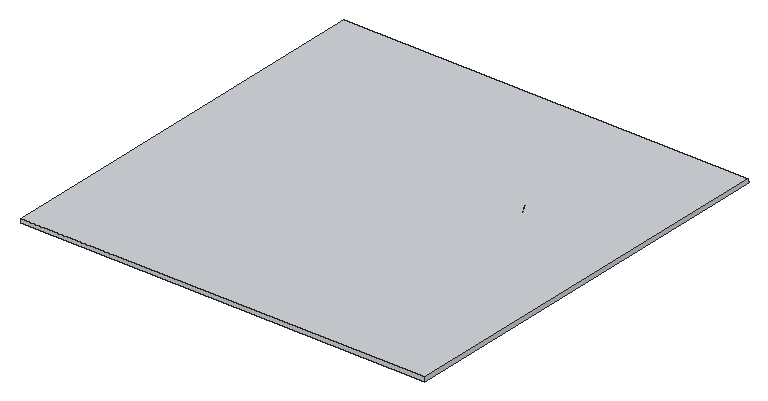
Revit family "Hcl_Tyco_FireDtctnAlmCtrlIndctEquip_FireClass-AddressableHeatDetector", category Fire Alarm Devices, host Face, Revit 2013
Parameters (values of type "FC460H")
  Weight = "(Excluding Base) 81g"
  WarrantyStartDate [instance] = "1900-12-31T23:59:59"
  WarrantyGuarantorParts = "Contact your supplier. If you don’t have your supplier contact details please contact (tfsuk.service@tycoint.com) or (tfseu.service@tycoint.com)"
  WarrantyGuarantorLabor = "Contact your supplier. If you don’t have your supplier contact details please contact (tfsuk.service@tycoint.com) or (tfseu.service@tycoint.com)"
  WarrantyDurationUnit = "Year"
  WarrantyDurationParts = "1.5 years"
  WarrantyDurationLabor = "1.5 years"
  WarrantyDescription = "n/a"
  Voltage = "20 – 40 VDC"
  Version = "1"
  UsageCurrent = "250μA"
  Uniclass2 = "Ee_40_15_75"
  URL = "https://fireclass.co.uk/en/emea/Pages/ProductDetail.aspx?productdetail=FireClass+Heat+Detector+Addressable+Fire+Alarm+FC460H"
  Type Comments = "Only 4B_Detector or 4B-I_Isolator Detector Bases can be used with FC460H Detector"
  TimeConstant = "n/a"
  TagNumber [instance] = "n/a"
  SustainabilityPerformance = "n/a"
  StorageTemperature = "-40 °C to +80 °C"
  Size = "n/a"
  ShortCircuitIsolators = no
  Shape = "n/a"
  SerialNumber [instance] = "n/a"
  Revision = "n/a"
  ReplacementCost = "n/a"
  RelativeHumidity = "95%(non-condensing)"
  Reference = "n/a"
  QuiescentCurrent = "250μA"
  ProductSpecification = "FC460H Addressable Heat Detector without built in- line isolator and IR Communication Link"
  ProductInformation = "https://fireclass.co.uk/en/emea/Pages/ProductDetail.aspx?productdetail=FireClass+Heat+Detector+Addressable+Fire+Alarm+FC460H"
  ProductCodes = "516.460.503"
  PhaseReference = "n/a"
  PhaseAngle = 0.00°
  OperationTemperatureRange = "-25 °C to +70 °C"
  NumberOfPoles = 0
  NominalWidth = 108 mm
  NominalVoltage = "40 V DC"
  NominalLength = 108 mm
  NominalHeight = 42 mm
  NominalFrequencyRange = "n/a"
  NominalDiameter = 108 mm
  NominalCurrent = "n/a"
  Name = "FC460H-Heat Detector without built in- line isolator and IR Communication Link"
  NBSReference = "90-75-30/380"
  NBSDescription = "Fire detection and alarm control and indicating equipment (CIE)"
  ModelReference = "n/a"
  ModelNumber = "FC460H"
  Model = "FC460H"
  Material = "Flame Retardant-FR3010 ‘BAYBLEND'"
  ManufacturerURL = "www.fireclass.net"
  ManufacturerName = "Tyco Fire Protection Products"
  Manufacturer = "Tyco Fire Protection Products"  # constant formula
  InsulationStandardClass = "n/a"
  InstallationDate [instance] = "1900-12-31T23:59:59"
  IfcTypeObject = "IfcBuildingElementProxy"
  IfcExportType = "HEATSENSOR"
  IfcExportAs = "IfcSensorType"
  IPCode = "IP44"
  HeatSensorSetPoint = "n/a"
  HeatSensorRange = "n/a"
  HeatSensorAccuracy = "n/a"
  HasProtectiveEarth = no
  Grade = "n/a"
  Finish = "n/a"
  Features = "Addressable Heat Sensor"
  ExpectedLife = "n/a"
  ElectricalDeviceNominalPower = "n/a"
  DurationUnit = "Year"
  DeviceBases = "4B_Detector Base/4B-I_Isolator Detector Base"
  DetectorType = "Heat Detector"
  Detector Color = Plastic Material White
  Detector Base [instance] = 4B series Detector Bases : 4B_Detector_Base
  Description = "FireClass-Addressable Heat Detector without built in- line isolator and IR Communication Link"
  Default Elevation = 1200 mm
  CoverageArea = "n/a"
  Constituents = "n/a"
  Color = "White"
  CodePerformance = "n/a"
  Category = "Ee_40_15_75"
  Brand = "FireClass"
  BarCode [instance] = "n/a"
  BIMObjectName = "Tyco_FireDtctnAlmCtrlIndctEquip_FireClass-AddressableHeatDetector-FC460H"
  Author = "Tyco Fire Protection Products"
  AssetType = "Moveable"
  AssetIdentifier [instance] = "n/a"
  AlarmCurrent = "3.3mA"
  AccessibilityPerformance = "n/a"
Reference planes
  plane 1 "Center (Front/Back)": y = 0
  plane 2: z = 0
  plane 3 "Center (Left/Right)": x = 0
  plane 4 "Base Ref": z = -13
  plane 5: z = -55
Forms (mm)
  Extrusion 1, solid
    sketch origin (0, 0, 0) x (1, 0, 0) y (0, 1, 0)
      loop
        line (-100, 100) -> (-100, -100) -> (100, -100) -> (100, 100) -> (-100, 100)
    from 0 to 2
Lines and regions (mm)
  symbolic lines
    curve 1: circle (0, 0, 0) r 55 normal (0, 0, 1)
    curve 2: circle (0, 0, 0) r 27.844 normal (0, 0, 1)
    curve 3: line (-54.5, 0, 0) -> (54.5, 0, 0)
    curve 63: line (0, 54.516, 0) -> (0, -54.509, 0)
  symbolic lines, detail levels medium+fine
    curve 4: line (54.5, 0, 0) -> (54, 0, -13)
    curve 5: line (54, 0, -13) -> (-54, 0, -13)
    curve 6: line (-54, 0, -13) -> (-54.5, 0, 0)
    curve 7: arc (-37.856, 0, -36.4) -> (-41.005, 0, -33.439) -> (-44.898, 0, -31.56) r 14.24
    curve 8: arc (-53.231, 0, -21.704) -> (-50.512, 0, -27.856) -> (-44.898, 0, -31.56) r 11.931
    curve 9: arc (-37.856, 0, -36.4) -> (-35.038, 0, -40.489) -> (-32.735, 0, -44.888) r 41.028
    curve 10: arc (-32.735, 0, -44.888) -> (-28.969, 0, -50.351) -> (-22.82, 0, -52.844) r 11.564
    curve 11: arc (0, 0, -55) -> (-11.461, 0, -54.465) -> (-22.82, 0, -52.844) r 120.632
    curve 12: line (-53.231, 0, -21.704) -> (-54, 0, -13)
    curve 13: arc (37.856, 0, -36.4) -> (41.005, 0, -33.439) -> (44.898, 0, -31.56) r 14.24
    curve 14: arc (53.231, 0, -21.704) -> (50.512, 0, -27.856) -> (44.898, 0, -31.56) r 11.931
    curve 15: arc (37.856, 0, -36.4) -> (35.038, 0, -40.489) -> (32.735, 0, -44.888) r 41.028
    curve 16: arc (32.735, 0, -44.888) -> (28.969, 0, -50.351) -> (22.82, 0, -52.844) r 11.564
    curve 17: arc (0, 0, -55) -> (11.461, 0, -54.465) -> (22.82, 0, -52.844) r 120.632
    curve 18: line (53.231, 0, -21.704) -> (54, 0, -13)
    curve 19: spline (-22.136, 0, -44.829) -> (-22.285, 0, -44.257) -> (-22.444, 0, -43.692) -> (-22.614, 0, -43.133) -> (-22.795, 0, -42.58) -> (-22.986, 0, -42.035) -> (-23.187, 0, -41.497) -> (-23.398, 0, -40.966) -> (-23.619, 0, -40.444) -> (-23.851, 0, -39.931) -> (-24.091, 0, -39.426) -> (-24.341, 0, -38.931) -> (-24.601, 0, -38.445)
    curve 20: spline (-24.601, 0, -38.445) -> (-24.702, 0, -38.266) -> (-24.8, 0, -38.089) -> (-24.896, 0, -37.913) -> (-24.989, 0, -37.739) -> (-25.079, 0, -37.565) -> (-25.167, 0, -37.393) -> (-25.251, 0, -37.223) -> (-25.333, 0, -37.055) -> (-25.411, 0, -36.888) -> (-25.487, 0, -36.723) -> (-25.559, 0, -36.561) -> (-25.629, 0, -36.4)
    curve 21: spline (-16.99, 0, -52.18) -> (-17.571, 0, -51.85) -> (-18.133, 0, -51.46) -> (-18.674, 0, -51.012) -> (-19.19, 0, -50.509) -> (-19.678, 0, -49.954) -> (-20.135, 0, -49.35) -> (-20.561, 0, -48.7) -> (-20.951, 0, -48.007) -> (-21.304, 0, -47.275) -> (-21.617, 0, -46.509) -> (-21.89, 0, -45.712) -> (-22.121, 0, -44.888)
    curve 22: spline (-15.029, 0, -52.569) -> (-15.179, 0, -52.575) -> (-15.34, 0, -52.573) -> (-15.509, 0, -52.563) -> (-15.684, 0, -52.545) -> (-15.863, 0, -52.52) -> (-16.042, 0, -52.488) -> (-16.219, 0, -52.45) -> (-16.391, 0, -52.405) -> (-16.557, 0, -52.355) -> (-16.713, 0, -52.3) -> (-16.858, 0, -52.241) -> (-16.99, 0, -52.179)
    curve 23: line (-8.615, 0, -52.569) -> (-15.029, 0, -52.569)
    curve 24: spline (-7.74, 0, -52.193) -> (-7.718, 0, -52.242) -> (-7.714, 0, -52.29) -> (-7.729, 0, -52.336) -> (-7.763, 0, -52.379) -> (-7.816, 0, -52.418) -> (-7.886, 0, -52.454) -> (-7.973, 0, -52.486) -> (-8.076, 0, -52.513) -> (-8.193, 0, -52.535) -> (-8.323, 0, -52.552) -> (-8.464, 0, -52.563) -> (-8.615, 0, -52.569)
    curve 25: spline (-9.631, 0, -44.858) -> (-9.546, 0, -45.688) -> (-9.446, 0, -46.491) -> (-9.331, 0, -47.263) -> (-9.201, 0, -48) -> (-9.057, 0, -48.698) -> (-8.9, 0, -49.353) -> (-8.732, 0, -49.961) -> (-8.552, 0, -50.519) -> (-8.361, 0, -51.024) -> (-8.162, 0, -51.472) -> (-7.955, 0, -51.863) -> (-7.74, 0, -52.193)
    curve 26: spline (-10.535, 0, -38.446) -> (-10.44, 0, -38.934) -> (-10.348, 0, -39.431) -> (-10.26, 0, -39.938) -> (-10.175, 0, -40.454) -> (-10.093, 0, -40.978) -> (-10.016, 0, -41.511) -> (-9.942, 0, -42.052) -> (-9.872, 0, -42.6) -> (-9.806, 0, -43.155) -> (-9.743, 0, -43.716) -> (-9.685, 0, -44.285) -> (-9.631, 0, -44.858)
    curve 27: spline (-11.314, 0, -36.4) -> (-11.222, 0, -36.558) -> (-11.135, 0, -36.719) -> (-11.053, 0, -36.883) -> (-10.976, 0, -37.048) -> (-10.903, 0, -37.216) -> (-10.836, 0, -37.386) -> (-10.773, 0, -37.558) -> (-10.715, 0, -37.732) -> (-10.663, 0, -37.908) -> (-10.615, 0, -38.086) -> (-10.573, 0, -38.265) -> (-10.535, 0, -38.446)
    curve 28: line (-11.314, 0, -36.4) -> (-25.629, 0, -36.4)
    curve 29: line (25.629, 0, -36.4) -> (11.314, 0, -36.4)
    curve 30: spline (10.566, 0, -38.296) -> (10.604, 0, -38.131) -> (10.646, 0, -37.967) -> (10.693, 0, -37.804) -> (10.745, 0, -37.642) -> (10.8, 0, -37.482) -> (10.861, 0, -37.322) -> (10.926, 0, -37.165) -> (10.995, 0, -37.008) -> (11.068, 0, -36.854) -> (11.146, 0, -36.701) -> (11.228, 0, -36.549) -> (11.314, 0, -36.4)
    curve 31: spline (9.631, 0, -44.858) -> (9.686, 0, -44.27) -> (9.747, 0, -43.687) -> (9.811, 0, -43.111) -> (9.879, 0, -42.542) -> (9.951, 0, -41.981) -> (10.028, 0, -41.428) -> (10.108, 0, -40.883) -> (10.192, 0, -40.346) -> (10.28, 0, -39.819) -> (10.371, 0, -39.301) -> (10.467, 0, -38.794) -> (10.566, 0, -38.296)
    curve 32: spline (7.762, 0, -52.162) -> (7.974, 0, -51.829) -> (8.179, 0, -51.436) -> (8.376, 0, -50.987) -> (8.564, 0, -50.482) -> (8.742, 0, -49.926) -> (8.909, 0, -49.32) -> (9.063, 0, -48.669) -> (9.205, 0, -47.976) -> (9.334, 0, -47.244) -> (9.448, 0, -46.478) -> (9.547, 0, -45.681) -> (9.631, 0, -44.858)
    curve 33: spline (8.688, 0, -52.569) -> (8.521, 0, -52.575) -> (8.364, 0, -52.572) -> (8.22, 0, -52.562) -> (8.091, 0, -52.543) -> (7.979, 0, -52.517) -> (7.884, 0, -52.483) -> (7.81, 0, -52.443) -> (7.757, 0, -52.396) -> (7.725, 0, -52.344) -> (7.716, 0, -52.288) -> (7.729, 0, -52.227) -> (7.764, 0, -52.163)
    curve 34: line (8.688, 0, -52.569) -> (15.092, 0, -52.569)
    curve 35: spline (17.057, 0, -52.145) -> (16.931, 0, -52.199) -> (16.791, 0, -52.252) -> (16.637, 0, -52.303) -> (16.473, 0, -52.352) -> (16.301, 0, -52.397) -> (16.124, 0, -52.438) -> (15.944, 0, -52.474) -> (15.763, 0, -52.505) -> (15.585, 0, -52.53) -> (15.413, 0, -52.55) -> (15.247, 0, -52.563) -> (15.092, 0, -52.569)
    curve 36: spline (22.121, 0, -44.888) -> (21.893, 0, -45.704) -> (21.623, 0, -46.494) -> (21.313, 0, -47.254) -> (20.965, 0, -47.98) -> (20.58, 0, -48.668) -> (20.161, 0, -49.314) -> (19.709, 0, -49.916) -> (19.228, 0, -50.469) -> (18.719, 0, -50.971) -> (18.186, 0, -51.419) -> (17.631, 0, -51.811) -> (17.057, 0, -52.145)
    curve 37: spline (24.552, 0, -38.534) -> (24.296, 0, -39.018) -> (24.049, 0, -39.512) -> (23.812, 0, -40.015) -> (23.584, 0, -40.526) -> (23.366, 0, -41.046) -> (23.157, 0, -41.574) -> (22.959, 0, -42.109) -> (22.77, 0, -42.652) -> (22.592, 0, -43.202) -> (22.425, 0, -43.758) -> (22.268, 0, -44.32) -> (22.121, 0, -44.888)
    curve 38: spline (25.629, 0, -36.4) -> (25.553, 0, -36.565) -> (25.475, 0, -36.732) -> (25.394, 0, -36.903) -> (25.31, 0, -37.075) -> (25.224, 0, -37.25) -> (25.135, 0, -37.428) -> (25.044, 0, -37.607) -> (24.95, 0, -37.789) -> (24.854, 0, -37.973) -> (24.756, 0, -38.158) -> (24.655, 0, -38.345) -> (24.552, 0, -38.534)
    curve 39: spline (-5.342, 0, -52.17) -> (-5.554, 0, -51.838) -> (-5.76, 0, -51.446) -> (-5.958, 0, -50.996) -> (-6.146, 0, -50.492) -> (-6.324, 0, -49.935) -> (-6.492, 0, -49.329) -> (-6.647, 0, -48.677) -> (-6.789, 0, -47.982) -> (-6.918, 0, -47.249) -> (-7.032, 0, -46.481) -> (-7.132, 0, -45.683) -> (-7.216, 0, -44.858)
    curve 40: spline (-7.216, 0, -44.858) -> (-7.282, 0, -44.168) -> (-7.354, 0, -43.485) -> (-7.431, 0, -42.812) -> (-7.514, 0, -42.149) -> (-7.603, 0, -41.497) -> (-7.697, 0, -40.857) -> (-7.796, 0, -40.228) -> (-7.901, 0, -39.612) -> (-8.011, 0, -39.01) -> (-8.125, 0, -38.421) -> (-8.245, 0, -37.848) -> (-8.369, 0, -37.289)
    curve 41: spline (-8.369, 0, -37.289) -> (-8.387, 0, -37.213) -> (-8.403, 0, -37.138) -> (-8.418, 0, -37.063) -> (-8.433, 0, -36.988) -> (-8.447, 0, -36.913) -> (-8.46, 0, -36.839) -> (-8.471, 0, -36.765) -> (-8.482, 0, -36.691) -> (-8.492, 0, -36.618) -> (-8.502, 0, -36.545) -> (-8.51, 0, -36.472) -> (-8.517, 0, -36.4)
    curve 42: line (8.517, 0, -36.4) -> (-8.517, 0, -36.4)
    curve 43: spline (8.517, 0, -36.4) -> (8.51, 0, -36.474) -> (8.501, 0, -36.548) -> (8.491, 0, -36.622) -> (8.481, 0, -36.697) -> (8.47, 0, -36.772) -> (8.457, 0, -36.847) -> (8.444, 0, -36.923) -> (8.43, 0, -37) -> (8.415, 0, -37.076) -> (8.399, 0, -37.153) -> (8.383, 0, -37.231) -> (8.365, 0, -37.308)
    curve 44: spline (8.365, 0, -37.308) -> (8.241, 0, -37.866) -> (8.122, 0, -38.438) -> (8.008, 0, -39.025) -> (7.899, 0, -39.626) -> (7.794, 0, -40.241) -> (7.695, 0, -40.868) -> (7.602, 0, -41.507) -> (7.513, 0, -42.157) -> (7.43, 0, -42.818) -> (7.353, 0, -43.489) -> (7.282, 0, -44.17) -> (7.216, 0, -44.858)
    curve 45: spline (7.216, 0, -44.858) -> (7.132, 0, -45.678) -> (7.034, 0, -46.472) -> (6.92, 0, -47.236) -> (6.792, 0, -47.966) -> (6.651, 0, -48.657) -> (6.497, 0, -49.307) -> (6.331, 0, -49.911) -> (6.155, 0, -50.467) -> (5.968, 0, -50.971) -> (5.772, 0, -51.421) -> (5.568, 0, -51.815) -> (5.357, 0, -52.149)
    curve 46: spline (5.355, 0, -52.148) -> (5.306, 0, -52.202) -> (5.236, 0, -52.255) -> (5.147, 0, -52.305) -> (5.039, 0, -52.353) -> (4.913, 0, -52.398) -> (4.773, 0, -52.439) -> (4.62, 0, -52.475) -> (4.456, 0, -52.505) -> (4.283, 0, -52.531) -> (4.104, 0, -52.55) -> (3.922, 0, -52.563) -> (3.739, 0, -52.569)
    curve 47: line (-3.661, 0, -52.569) -> (3.739, 0, -52.569)
    curve 48: spline (-3.661, 0, -52.569) -> (-3.845, 0, -52.575) -> (-4.029, 0, -52.573) -> (-4.211, 0, -52.562) -> (-4.387, 0, -52.544) -> (-4.556, 0, -52.519) -> (-4.715, 0, -52.486) -> (-4.862, 0, -52.446) -> (-4.994, 0, -52.4) -> (-5.109, 0, -52.348) -> (-5.207, 0, -52.292) -> (-5.284, 0, -52.232) -> (-5.341, 0, -52.169)
    curve 49: line (44.898, 0, -31.56) -> (-44.898, 0, -31.56)
    curve 50: spline (0, 37.856, -36.4) -> (0, 37.299, -37.005) -> (0, 36.763, -37.63) -> (0, 36.251, -38.275) -> (0, 35.762, -38.94) -> (0, 35.296, -39.622) -> (0, 34.855, -40.322) -> (0, 34.439, -41.038) -> (0, 34.049, -41.77) -> (0, 33.685, -42.516) -> (0, 33.348, -43.275) -> (0, 33.038, -44.046) -> (0, 32.755, -44.829)
    curve 51: spline (0, 32.755, -44.829) -> (0, 32.382, -45.801) -> (0, 31.928, -46.735) -> (0, 31.397, -47.625) -> (0, 30.793, -48.464) -> (0, 30.122, -49.246) -> (0, 29.387, -49.964) -> (0, 28.594, -50.613) -> (0, 27.75, -51.188) -> (0, 26.861, -51.685) -> (0, 25.934, -52.1) -> (0, 24.975, -52.43) -> (0, 23.992, -52.672)
    curve 52: arc (0, 53.231, -21.704) -> (0, 50.509, -27.854) -> (0, 44.898, -31.56) r 11.949
    curve 53: arc (0, 44.898, -31.56) -> (0, 41.006, -33.441) -> (0, 37.856, -36.4) r 14.284
    curve 54: arc (0, 23.992, -52.672) -> (0, 12.052, -54.412) -> (0, 0, -55) r 125.727
    curve 55: line (0, 53.231, -21.704) -> (0, 53.992, -13)
    curve 56: spline (0, -37.856, -36.4) -> (0, -37.299, -37.005) -> (0, -36.763, -37.63) -> (0, -36.251, -38.275) -> (0, -35.762, -38.94) -> (0, -35.296, -39.622) -> (0, -34.855, -40.322) -> (0, -34.439, -41.038) -> (0, -34.049, -41.77) -> (0, -33.685, -42.516) -> (0, -33.348, -43.275) -> (0, -33.038, -44.046) -> (0, -32.755, -44.829)
    curve 57: spline (0, -32.755, -44.829) -> (0, -32.382, -45.801) -> (0, -31.928, -46.735) -> (0, -31.397, -47.625) -> (0, -30.793, -48.464) -> (0, -30.122, -49.246) -> (0, -29.387, -49.964) -> (0, -28.594, -50.613) -> (0, -27.75, -51.188) -> (0, -26.861, -51.685) -> (0, -25.934, -52.1) -> (0, -24.975, -52.43) -> (0, -23.992, -52.672)
    curve 58: arc (0, -53.231, -21.704) -> (0, -50.509, -27.854) -> (0, -44.898, -31.56) r 11.949
    curve 59: arc (0, -44.898, -31.56) -> (0, -41.006, -33.441) -> (0, -37.856, -36.4) r 14.284
    curve 60: arc (0, -23.992, -52.672) -> (0, -12.052, -54.412) -> (0, 0, -55) r 125.727
    curve 61: line (0, -53.231, -21.704) -> (0, -53.992, -13)
    curve 62: line (0, 53.992, -13) -> (0, -53.992, -13)
    curve 64: line (0, -54.509, 0) -> (0, -53.992, -13)
    curve 65: line (0, 53.992, -13) -> (0, 54.516, 0)
    curve 66: line (0, 53.231, -21.704) -> (0, -53.231, -21.704)
    curve 67: spline (0, 5.342, -52.17) -> (0, 5.554, -51.838) -> (0, 5.76, -51.446) -> (0, 5.958, -50.996) -> (0, 6.146, -50.492) -> (0, 6.324, -49.935) -> (0, 6.492, -49.329) -> (0, 6.647, -48.677) -> (0, 6.789, -47.982) -> (0, 6.918, -47.249) -> (0, 7.032, -46.481) -> (0, 7.132, -45.683) -> (0, 7.216, -44.858)
    curve 68: spline (0, 3.661, -52.569) -> (0, 3.845, -52.575) -> (0, 4.029, -52.573) -> (0, 4.21, -52.562) -> (0, 4.387, -52.544) -> (0, 4.556, -52.519) -> (0, 4.715, -52.486) -> (0, 4.862, -52.446) -> (0, 4.994, -52.4) -> (0, 5.109, -52.348) -> (0, 5.207, -52.292) -> (0, 5.284, -52.232) -> (0, 5.341, -52.169)
    curve 69: line (0, 0, -52.569) -> (0, 3.661, -52.569)
    curve 70: line (0, -3.739, -52.569) -> (0, 0, -52.569)
    curve 71: spline (0, -5.355, -52.148) -> (0, -5.306, -52.202) -> (0, -5.236, -52.255) -> (0, -5.147, -52.305) -> (0, -5.039, -52.353) -> (0, -4.913, -52.398) -> (0, -4.773, -52.439) -> (0, -4.62, -52.475) -> (0, -4.456, -52.505) -> (0, -4.283, -52.531) -> (0, -4.104, -52.55) -> (0, -3.922, -52.563) -> (0, -3.739, -52.569)
    curve 72: spline (0, -7.216, -44.858) -> (0, -7.132, -45.678) -> (0, -7.034, -46.472) -> (0, -6.92, -47.236) -> (0, -6.792, -47.966) -> (0, -6.651, -48.657) -> (0, -6.497, -49.307) -> (0, -6.331, -49.911) -> (0, -6.155, -50.467) -> (0, -5.968, -50.971) -> (0, -5.772, -51.421) -> (0, -5.568, -51.815) -> (0, -5.357, -52.149)
    curve 73: spline (0, -8.365, -37.308) -> (0, -8.241, -37.866) -> (0, -8.122, -38.438) -> (0, -8.008, -39.025) -> (0, -7.899, -39.626) -> (0, -7.794, -40.241) -> (0, -7.695, -40.868) -> (0, -7.602, -41.507) -> (0, -7.513, -42.157) -> (0, -7.43, -42.818) -> (0, -7.353, -43.489) -> (0, -7.282, -44.17) -> (0, -7.216, -44.858)
    curve 74: spline (0, 7.216, -44.858) -> (0, 7.282, -44.165) -> (0, 7.354, -43.48) -> (0, 7.432, -42.805) -> (0, 7.516, -42.14) -> (0, 7.605, -41.486) -> (0, 7.699, -40.843) -> (0, 7.799, -40.212) -> (0, 7.904, -39.594) -> (0, 8.014, -38.99) -> (0, 8.13, -38.4) -> (0, 8.25, -37.825) -> (0, 8.375, -37.265)
    curve 75: spline (0, 8.375, -37.265) -> (0, 8.391, -37.191) -> (0, 8.407, -37.118) -> (0, 8.422, -37.045) -> (0, 8.436, -36.972) -> (0, 8.449, -36.899) -> (0, 8.462, -36.827) -> (0, 8.473, -36.755) -> (0, 8.484, -36.683) -> (0, 8.493, -36.612) -> (0, 8.502, -36.541) -> (0, 8.51, -36.47) -> (0, 8.517, -36.4)
    curve 76: line (0, 8.517, -36.4) -> (0, 0, -36.4)
    curve 77: line (0, 0, -36.4) -> (0, -8.517, -36.4)
    curve 78: spline (0, -8.517, -36.4) -> (0, -8.51, -36.474) -> (0, -8.501, -36.548) -> (0, -8.491, -36.622) -> (0, -8.481, -36.697) -> (0, -8.47, -36.772) -> (0, -8.457, -36.848) -> (0, -8.444, -36.923) -> (0, -8.43, -37) -> (0, -8.415, -37.076) -> (0, -8.399, -37.153) -> (0, -8.383, -37.231) -> (0, -8.365, -37.308)
    curve 79: spline (0, 11.314, -36.4) -> (0, 11.222, -36.558) -> (0, 11.135, -36.719) -> (0, 11.053, -36.882) -> (0, 10.976, -37.048) -> (0, 10.903, -37.216) -> (0, 10.836, -37.386) -> (0, 10.773, -37.558) -> (0, 10.715, -37.732) -> (0, 10.663, -37.907) -> (0, 10.615, -38.085) -> (0, 10.573, -38.264) -> (0, 10.535, -38.445)
    curve 80: spline (0, 10.535, -38.445) -> (0, 10.44, -38.933) -> (0, 10.348, -39.43) -> (0, 10.26, -39.937) -> (0, 10.175, -40.453) -> (0, 10.094, -40.978) -> (0, 10.016, -41.51) -> (0, 9.942, -42.051) -> (0, 9.872, -42.599) -> (0, 9.806, -43.154) -> (0, 9.743, -43.716) -> (0, 9.685, -44.284) -> (0, 9.631, -44.858)
    curve 81: spline (0, 9.631, -44.858) -> (0, 9.546, -45.688) -> (0, 9.446, -46.491) -> (0, 9.33, -47.263) -> (0, 9.201, -48) -> (0, 9.057, -48.698) -> (0, 8.9, -49.353) -> (0, 8.732, -49.961) -> (0, 8.552, -50.519) -> (0, 8.361, -51.024) -> (0, 8.162, -51.472) -> (0, 7.955, -51.863) -> (0, 7.74, -52.193)
    curve 82: spline (0, 7.74, -52.193) -> (0, 7.718, -52.242) -> (0, 7.714, -52.29) -> (0, 7.729, -52.336) -> (0, 7.763, -52.379) -> (0, 7.816, -52.418) -> (0, 7.886, -52.454) -> (0, 7.973, -52.486) -> (0, 8.076, -52.513) -> (0, 8.193, -52.535) -> (0, 8.323, -52.552) -> (0, 8.464, -52.563) -> (0, 8.616, -52.569)
    curve 83: line (0, 8.616, -52.569) -> (0, 15.029, -52.569)
    curve 84: spline (0, 15.029, -52.569) -> (0, 15.179, -52.575) -> (0, 15.34, -52.573) -> (0, 15.509, -52.563) -> (0, 15.684, -52.545) -> (0, 15.863, -52.52) -> (0, 16.041, -52.488) -> (0, 16.219, -52.45) -> (0, 16.391, -52.405) -> (0, 16.557, -52.355) -> (0, 16.713, -52.3) -> (0, 16.858, -52.241) -> (0, 16.99, -52.179)
    curve 85: spline (0, 16.99, -52.18) -> (0, 17.571, -51.85) -> (0, 18.133, -51.46) -> (0, 18.674, -51.012) -> (0, 19.19, -50.509) -> (0, 19.678, -49.954) -> (0, 20.135, -49.35) -> (0, 20.561, -48.7) -> (0, 20.951, -48.007) -> (0, 21.304, -47.275) -> (0, 21.617, -46.509) -> (0, 21.89, -45.712) -> (0, 22.121, -44.888)
    curve 86: spline (0, 22.136, -44.829) -> (0, 22.285, -44.257) -> (0, 22.444, -43.692) -> (0, 22.614, -43.133) -> (0, 22.795, -42.58) -> (0, 22.985, -42.035) -> (0, 23.187, -41.497) -> (0, 23.398, -40.967) -> (0, 23.619, -40.445) -> (0, 23.85, -39.931) -> (0, 24.091, -39.426) -> (0, 24.341, -38.931) -> (0, 24.601, -38.445)
    curve 87: spline (0, 24.601, -38.445) -> (0, 24.702, -38.267) -> (0, 24.8, -38.09) -> (0, 24.896, -37.914) -> (0, 24.989, -37.739) -> (0, 25.079, -37.566) -> (0, 25.167, -37.394) -> (0, 25.251, -37.224) -> (0, 25.333, -37.055) -> (0, 25.411, -36.888) -> (0, 25.487, -36.724) -> (0, 25.559, -36.561) -> (0, 25.629, -36.4)
    curve 88: line (0, 25.629, -36.4) -> (0, 11.314, -36.4)
    curve 89: line (0, -11.314, -36.4) -> (0, -25.629, -36.4)
    curve 90: spline (0, -25.629, -36.4) -> (0, -25.553, -36.565) -> (0, -25.475, -36.733) -> (0, -25.394, -36.903) -> (0, -25.31, -37.076) -> (0, -25.224, -37.251) -> (0, -25.135, -37.428) -> (0, -25.044, -37.608) -> (0, -24.95, -37.789) -> (0, -24.854, -37.973) -> (0, -24.755, -38.159) -> (0, -24.655, -38.346) -> (0, -24.552, -38.535)
    curve 91: spline (0, -24.552, -38.535) -> (0, -24.298, -39.015) -> (0, -24.053, -39.504) -> (0, -23.818, -40.002) -> (0, -23.591, -40.509) -> (0, -23.375, -41.024) -> (0, -23.168, -41.546) -> (0, -22.97, -42.077) -> (0, -22.783, -42.614) -> (0, -22.606, -43.159) -> (0, -22.439, -43.709) -> (0, -22.282, -44.266) -> (0, -22.136, -44.829)
    curve 92: spline (0, -22.121, -44.888) -> (0, -21.893, -45.704) -> (0, -21.623, -46.494) -> (0, -21.313, -47.254) -> (0, -20.965, -47.98) -> (0, -20.58, -48.668) -> (0, -20.161, -49.314) -> (0, -19.709, -49.916) -> (0, -19.228, -50.469) -> (0, -18.719, -50.971) -> (0, -18.186, -51.419) -> (0, -17.631, -51.811) -> (0, -17.057, -52.145)
    curve 93: spline (0, -17.057, -52.145) -> (0, -16.931, -52.199) -> (0, -16.79, -52.252) -> (0, -16.637, -52.304) -> (0, -16.473, -52.352) -> (0, -16.301, -52.397) -> (0, -16.124, -52.438) -> (0, -15.944, -52.474) -> (0, -15.763, -52.505) -> (0, -15.585, -52.53) -> (0, -15.413, -52.55) -> (0, -15.247, -52.563) -> (0, -15.092, -52.569)
    curve 94: line (0, -8.688, -52.569) -> (0, -15.092, -52.569)
    curve 95: spline (0, -8.688, -52.569) -> (0, -8.521, -52.575) -> (0, -8.364, -52.573) -> (0, -8.22, -52.562) -> (0, -8.091, -52.544) -> (0, -7.978, -52.517) -> (0, -7.884, -52.484) -> (0, -7.81, -52.443) -> (0, -7.757, -52.397) -> (0, -7.725, -52.344) -> (0, -7.716, -52.287) -> (0, -7.729, -52.226) -> (0, -7.764, -52.163)
    curve 96: spline (0, -7.763, -52.162) -> (0, -7.975, -51.828) -> (0, -8.18, -51.436) -> (0, -8.376, -50.986) -> (0, -8.564, -50.482) -> (0, -8.742, -49.925) -> (0, -8.909, -49.32) -> (0, -9.063, -48.669) -> (0, -9.205, -47.976) -> (0, -9.334, -47.244) -> (0, -9.448, -46.478) -> (0, -9.547, -45.681) -> (0, -9.631, -44.858)
    curve 97: spline (0, -9.631, -44.858) -> (0, -9.686, -44.27) -> (0, -9.747, -43.687) -> (0, -9.811, -43.111) -> (0, -9.879, -42.542) -> (0, -9.951, -41.981) -> (0, -10.028, -41.427) -> (0, -10.108, -40.882) -> (0, -10.192, -40.346) -> (0, -10.28, -39.818) -> (0, -10.372, -39.301) -> (0, -10.467, -38.793) -> (0, -10.566, -38.295)
    curve 98: spline (0, -10.566, -38.295) -> (0, -10.604, -38.13) -> (0, -10.646, -37.966) -> (0, -10.693, -37.803) -> (0, -10.745, -37.642) -> (0, -10.8, -37.481) -> (0, -10.861, -37.322) -> (0, -10.926, -37.164) -> (0, -10.995, -37.008) -> (0, -11.068, -36.854) -> (0, -11.146, -36.701) -> (0, -11.228, -36.549) -> (0, -11.314, -36.4)
  symbolic lines, detail levels coarse
    curve 99: line (-54.5, 0, -55) -> (-54.5, 0, 0)
    curve 100: line (54.559, 0, -55) -> (-54.5, 0, -55)
    curve 101: line (54.559, 0, 0) -> (54.559, 0, -55)
    curve 102: line (0, 54.516, 0) -> (0, 54.516, -55)
    curve 103: line (0, -54.509, 0) -> (0, -54.509, -55)
    curve 104: line (0, -54.509, -55) -> (0, 54.516, -55)
Dimensions and locks
  locked: plane 4 "Base Ref" to plane 5 at 42
  locked: Extrusion 1 sketch curve to Extrusion 1 sketch curve at 200  (x2)
  locked: plane 3 "Center (Left/Right)" to Extrusion 1 sketch curve at 100
  locked: plane 1 "Center (Front/Back)" to Extrusion 1 sketch curve at 100
  locked: level to plane 4 "Base Ref" at 13
  aligned and locked: plane 2 to Extrusion 1
  aligned and locked: level to Extrusion 1
  aligned and locked: plane 3 "Center (Left/Right)" to nested 1
  aligned and locked: plane 1 "Center (Front/Back)" to nested 1
  aligned and locked: plane 1 "Center (Front/Back)" to nested 2
  aligned and locked: plane 3 "Center (Left/Right)" to nested 2
  aligned and locked: plane 1 "Center (Front/Back)" to curve 1
  aligned and locked: plane 3 "Center (Left/Right)" to curve 1
  aligned and locked: plane 1 "Center (Front/Back)" to curve 2
  aligned and locked: plane 3 "Center (Left/Right)" to curve 2
  aligned and locked: plane 4 "Base Ref" to nested 1
  aligned and locked: nested 1 to Extrusion 1
  aligned and locked: curve 12 to nested 2
  aligned and locked: curve 28 to nested 2
  aligned and locked: nested 1 to curve 62
  aligned and locked: nested 2 to curve 88
  aligned and locked: curve 99 to nested 1
  aligned and locked: plane 5 to curve 100
  aligned and locked: curve 101 to nested 1
  aligned and locked: nested 1 to curve 99
  aligned and locked: plane 5 to curve 104
Nested families
  nested 1: "4B series Detector Bases" at (0, 0, 0), type <- "Detector Base", type "4B_Detector_Base"
  nested 2: "Detector Model" at (0, 0, -13), type "Detector Model"
Connectors
  electrical at (0, 0, 0)
    settings: on plane 2, index 1, voltage 0 V, apparent load 0 VA, apparent load phase1 0 VA, apparent load phase2 0 VA, apparent load phase3 0 VA, power factor 1, load classification "Other", number of poles 1, system type 11, power factor state 1, is connector primary yes, connector utility no, sub classification motor no, connector description "Loop Powered"
Definition of nested family "4B series Detector Bases"
  Parameters (values of type "4B-I_Isolator_Detector_Base")
    Material = Plastic Material White
    Manufacturer = "Tyco"
    Default Elevation = 0 mm
  Types (3): name
    4B_Detector_Base
    4B-C_Continuity_Detector_Base
    4B-I_Isolator_Detector_Base
  Reference planes
    plane 1 "Center (Front/Back)": y = 0
    plane 2: z = 0
    plane 3 "Center (Left/Right)": x = 0
    plane 4 "Base Ref": z = -13
  Forms (mm)
    Revolve 1, solid, material "Plastic Material White" <- "Material"
      sketch origin (0, 0, 0) x (1, 0, 0) y (0, 0, 1)
        loop
          line (0, 0) -> (-54.5, 0) -> (-54.023, -13) -> (0, -13) -> (0, 0)
        axis (0, 0) -> (0, -13)
      angle from 0 to 360
  Dimensions and locks
    locked: plane 3 "Center (Left/Right)" to Revolve 1 sketch curve at 54.5
    plane 3 "Center (Left/Right)" to Revolve 1 sketch curve = 54.023 mm
    locked: level to plane 4 "Base Ref" at 13
    locked: Revolve 1 sketch curve to Revolve 1 sketch curve (angle 87.90°)
    aligned and locked: level to plane 2
    aligned and locked: plane 3 "Center (Left/Right)" to Revolve 1 sketch curve
    aligned and locked: level to Revolve 1 sketch curve
    aligned and locked: Revolve 1 sketch curve to plane 3 "Center (Left/Right)"
    aligned and locked: plane 4 "Base Ref" to Revolve 1 sketch curve
Definition of nested family "Detector Model"
  Parameters (values of type "Detector Model")
    Model = "Detector Model"
    Material = Plastic Material White
    Manufacturer = "Tyco"
  Reference planes
    plane 1 "Center (Front/Back)": y = 0
    plane 2: z = 0
    plane 3 "Center (Left/Right)": x = 0
    plane 4: z = -42
    plane 5 "Ref": z = -23.4
  Forms (mm)
    Revolve 1, solid, material "Plastic Material White" <- "Material"
      sketch origin (0, 0, 0) x (1, 0, 0) y (0, 0, 1)
        loop
          arc (-53.231, -8.704) -> (-50.502, -14.848) -> (-44.898, -18.56) r 12
          arc (-44.898, -18.56) -> (-37.35, -23.928) -> (-32.568, -31.859) r 22.749
          arc (-32.568, -31.859) -> (-29.115, -36.946) -> (-23.598, -39.657) r 12.009
          arc (-23.598, -39.657) -> (-11.857, -41.413) -> (0, -42) r 120
          line (0, -42) -> (0, -39.5)
          arc (0, -39.5) -> (-11.964, -38.889) -> (-23.804, -37.064) r 117.5
          line (-23.804, -37.064) -> (-27.901, -23.206) -> (-38.112, -19.797)
          arc (-38.112, -19.797) -> (-40.949, -17.799) -> (-44.033, -16.209) r 25.249
          arc (-44.033, -16.209) -> (-48.534, -13.303) -> (-50.746, -8.424) r 9.5
          line (-50.746, -8.424) -> (-51.49, 0) -> (-54, 0) -> (-53.231, -8.704)
        axis (0, 0) -> (0, -42)
      angle from 0 to 360
    Extrusion 2, void
      sketch origin (0, 0, 0) x (1, 0, 0) y (0, 1, 0)
        loop
          arc (3.675, 23.717) -> (4.724, 23.943) -> (5.354, 24.811) r 1.5
          line (5.354, 24.811) -> (8.376, 36.088)
          arc (8.376, 36.088) -> (8.535, 37.153) -> (8.464, 38.226) r 5
          line (8.464, 38.226) -> (7.11, 45.906)
          arc (7.11, 45.906) -> (0, 46.454) -> (-7.11, 45.906) r 46.454
          line (-7.11, 45.906) -> (-8.464, 38.226)
          arc (-8.464, 38.226) -> (-8.535, 37.14) -> (-8.369, 36.064) r 5
          line (-8.369, 36.064) -> (-5.354, 24.811)
          arc (-5.354, 24.811) -> (-4.724, 23.943) -> (-3.675, 23.717) r 1.5
          arc (-3.675, 23.717) -> (0, 24) -> (3.675, 23.717) r 24
        loop
          line (-34.489, 10.535) -> (-24.164, 7.769)
          arc (-24.164, 7.769) -> (-23.097, 7.88) -> (-22.377, 8.675) r 1.5
          arc (-22.377, 8.675) -> (-20.785, 12) -> (-18.702, 15.041) r 24
          arc (-18.702, 15.041) -> (-18.373, 16.063) -> (-18.81, 17.042) r 1.5
          line (-18.81, 17.042) -> (-26.368, 24.601)
          arc (-26.368, 24.601) -> (-27.121, 25.219) -> (-27.978, 25.679) r 5
          line (-27.978, 25.679) -> (-36.201, 29.11)
          arc (-36.201, 29.11) -> (-40.23, 23.227) -> (-43.311, 16.796) r 46.454
          line (-43.311, 16.796) -> (-36.229, 11.391)
          arc (-36.229, 11.391) -> (-35.401, 10.878) -> (-34.489, 10.535) r 5
        loop
          line (-24.811, 5.354) -> (-36.089, 8.376)
          arc (-36.089, 8.376) -> (-37.153, 8.535) -> (-38.226, 8.464) r 5
          line (-38.226, 8.464) -> (-45.906, 7.11)
          arc (-45.906, 7.11) -> (-46.454, 0) -> (-45.906, -7.11) r 46.454
          line (-45.906, -7.11) -> (-38.226, -8.464)
          arc (-38.226, -8.464) -> (-37.153, -8.535) -> (-36.088, -8.376) r 5
          line (-36.088, -8.376) -> (-24.811, -5.354)
          arc (-24.811, -5.354) -> (-23.943, -4.724) -> (-23.717, -3.675) r 1.5
          arc (-23.717, -3.675) -> (-24, 0) -> (-23.717, 3.675) r 24
          arc (-23.717, 3.675) -> (-23.943, 4.724) -> (-24.811, 5.354) r 1.5
        loop
          line (-24.601, 26.369) -> (-17.042, 18.81)
          arc (-17.042, 18.81) -> (-16.063, 18.373) -> (-15.041, 18.702) r 1.5
          arc (-15.041, 18.702) -> (-12, 20.785) -> (-8.676, 22.377) r 24
          arc (-8.676, 22.377) -> (-7.88, 23.097) -> (-7.769, 24.164) r 1.5
          line (-7.769, 24.164) -> (-10.535, 34.489)
          arc (-10.535, 34.489) -> (-10.878, 35.4) -> (-11.39, 36.228) r 5
          line (-11.39, 36.228) -> (-16.796, 43.311)
          arc (-16.796, 43.311) -> (-23.227, 40.23) -> (-29.11, 36.201) r 46.454
          line (-29.11, 36.201) -> (-25.68, 27.979)
          arc (-25.68, 27.979) -> (-25.219, 27.121) -> (-24.601, 26.369) r 5
        loop
          arc (7.772, 24.177) -> (7.877, 23.103) -> (8.675, 22.377) r 1.5
          arc (8.675, 22.377) -> (12, 20.785) -> (15.041, 18.702) r 24
          arc (15.041, 18.702) -> (16.062, 18.373) -> (17.042, 18.81) r 1.5
          line (17.042, 18.81) -> (24.601, 26.369)
          arc (24.601, 26.369) -> (25.219, 27.121) -> (25.68, 27.979) r 5
          line (25.68, 27.979) -> (29.11, 36.201)
          arc (29.11, 36.201) -> (23.227, 40.23) -> (16.796, 43.311) r 46.454
          line (16.796, 43.311) -> (11.39, 36.228)
          arc (11.39, 36.228) -> (10.878, 35.4) -> (10.535, 34.489) r 5
          line (10.535, 34.489) -> (7.772, 24.177)
        loop
          arc (18.818, 17.05) -> (18.373, 16.068) -> (18.702, 15.041) r 1.5
          arc (18.702, 15.041) -> (20.785, 12) -> (22.377, 8.675) r 24
          arc (22.377, 8.675) -> (23.097, 7.88) -> (24.164, 7.769) r 1.5
          line (24.164, 7.769) -> (34.489, 10.535)
          arc (34.489, 10.535) -> (35.401, 10.878) -> (36.229, 11.391) r 5
          line (36.229, 11.391) -> (43.311, 16.796)
          arc (43.311, 16.796) -> (40.23, 23.227) -> (36.201, 29.11) r 46.454
          line (36.201, 29.11) -> (27.978, 25.679)
          arc (27.978, 25.679) -> (27.121, 25.219) -> (26.368, 24.601) r 5
          line (26.368, 24.601) -> (18.818, 17.05)
        loop
          arc (23.717, -3.675) -> (23.943, -4.724) -> (24.811, -5.354) r 1.5
          line (24.811, -5.354) -> (36.085, -8.375)
          arc (36.085, -8.375) -> (37.151, -8.535) -> (38.226, -8.464) r 5
          line (38.226, -8.464) -> (45.906, -7.11)
          arc (45.906, -7.11) -> (46.454, 0) -> (45.906, 7.11) r 46.454
          line (45.906, 7.11) -> (38.226, 8.464)
          arc (38.226, 8.464) -> (37.151, 8.535) -> (36.085, 8.375) r 5
          line (36.085, 8.375) -> (24.811, 5.354)
          arc (24.811, 5.354) -> (23.943, 4.724) -> (23.717, 3.675) r 1.5
          arc (23.717, 3.675) -> (24, 0) -> (23.717, -3.675) r 24
        loop
          arc (18.702, -15.041) -> (18.372, -16.057) -> (18.802, -17.034) r 1.5
          line (18.802, -17.034) -> (26.368, -24.601)
          arc (26.368, -24.601) -> (27.121, -25.219) -> (27.978, -25.679) r 5
          line (27.978, -25.679) -> (36.201, -29.11)
          arc (36.201, -29.11) -> (40.23, -23.227) -> (43.311, -16.796) r 46.454
          line (43.311, -16.796) -> (36.229, -11.391)
          arc (36.229, -11.391) -> (35.401, -10.878) -> (34.489, -10.535) r 5
          line (34.489, -10.535) -> (24.164, -7.769)
          arc (24.164, -7.769) -> (23.097, -7.88) -> (22.377, -8.675) r 1.5
          arc (22.377, -8.675) -> (20.785, -12) -> (18.702, -15.041) r 24
        loop
          arc (8.675, -22.377) -> (7.883, -23.091) -> (7.765, -24.151) r 1.5
          line (7.765, -24.151) -> (10.535, -34.489)
          arc (10.535, -34.489) -> (10.878, -35.4) -> (11.39, -36.228) r 5
          line (11.39, -36.228) -> (16.796, -43.311)
          arc (16.796, -43.311) -> (23.227, -40.23) -> (29.11, -36.201) r 46.454
          line (29.11, -36.201) -> (25.68, -27.979)
          arc (25.68, -27.979) -> (25.219, -27.121) -> (24.601, -26.369) r 5
          line (24.601, -26.369) -> (17.042, -18.81)
          arc (17.042, -18.81) -> (16.062, -18.373) -> (15.041, -18.702) r 1.5
          arc (15.041, -18.702) -> (12, -20.785) -> (8.675, -22.377) r 24
        loop
          line (8.376, -36.088) -> (5.354, -24.811)
          arc (5.354, -24.811) -> (4.724, -23.943) -> (3.675, -23.717) r 1.5
          arc (3.675, -23.717) -> (0, -24) -> (-3.675, -23.717) r 24
          arc (-3.675, -23.717) -> (-4.724, -23.943) -> (-5.354, -24.811) r 1.5
          line (-5.354, -24.811) -> (-8.369, -36.064)
          arc (-8.369, -36.064) -> (-8.535, -37.14) -> (-8.464, -38.226) r 5
          line (-8.464, -38.226) -> (-7.11, -45.906)
          arc (-7.11, -45.906) -> (0, -46.454) -> (7.11, -45.906) r 46.454
          line (7.11, -45.906) -> (8.464, -38.226)
          arc (8.464, -38.226) -> (8.535, -37.153) -> (8.376, -36.088) r 5
        loop
          line (-10.535, -34.489) -> (-7.769, -24.164)
          arc (-7.769, -24.164) -> (-7.88, -23.097) -> (-8.676, -22.377) r 1.5
          arc (-8.676, -22.377) -> (-12, -20.785) -> (-15.041, -18.702) r 24
          arc (-15.041, -18.702) -> (-16.063, -18.373) -> (-17.042, -18.81) r 1.5
          line (-17.042, -18.81) -> (-24.601, -26.369)
          arc (-24.601, -26.369) -> (-25.219, -27.121) -> (-25.68, -27.979) r 5
          line (-25.68, -27.979) -> (-29.11, -36.201)
          arc (-29.11, -36.201) -> (-23.227, -40.23) -> (-16.796, -43.311) r 46.454
          line (-16.796, -43.311) -> (-11.39, -36.228)
          arc (-11.39, -36.228) -> (-10.878, -35.4) -> (-10.535, -34.489) r 5
        loop
          line (-26.368, -24.601) -> (-18.81, -17.042)
          arc (-18.81, -17.042) -> (-18.373, -16.063) -> (-18.702, -15.041) r 1.5
          arc (-18.702, -15.041) -> (-20.785, -12) -> (-22.377, -8.675) r 24
          arc (-22.377, -8.675) -> (-23.097, -7.88) -> (-24.164, -7.769) r 1.5
          line (-24.164, -7.769) -> (-34.489, -10.535)
          arc (-34.489, -10.535) -> (-35.401, -10.878) -> (-36.229, -11.391) r 5
          line (-36.229, -11.391) -> (-43.311, -16.796)
          arc (-43.311, -16.796) -> (-40.23, -23.227) -> (-36.201, -29.11) r 46.454
          line (-36.201, -29.11) -> (-27.978, -25.679)
          arc (-27.978, -25.679) -> (-27.121, -25.219) -> (-26.368, -24.601) r 5
      from -42 to -23.4
    Revolve 3, solid, material "Material Black", detail levels fine
      sketch origin (0, 0, 0) x (1, 0, 0) y (0, 0, 1)
        loop
          line (0, -39.569) -> (0, 0) -> (-50, 0) -> (-50, -8.704) -> (-34, -8.704)
          arc (-34, -8.704) -> (-31.172, -9.876) -> (-30, -12.704) r 4
          line (-30, -12.704) -> (-30, -21.4)
          arc (-30, -21.4) -> (-29.414, -22.814) -> (-28, -23.4) r 2
          line (-28, -23.4) -> (-22, -23.4)
          arc (-22, -23.4) -> (-20.586, -23.986) -> (-20, -25.4) r 2
          line (-20, -25.4) -> (-20, -37.569)
          arc (-20, -37.569) -> (-19.414, -38.983) -> (-18, -39.569) r 2
          line (-18, -39.569) -> (0, -39.569)
        axis (0, 0) -> (0, -39.569)
      angle from 0 to 360
  Cuts and joins
    Extrusion 2 cuts Revolve 1
  Dimensions and locks
    locked: level to plane 4 at 42
    locked: Revolve 1 sketch curve to Revolve 1 sketch curve at 2.5
    locked: plane 3 "Center (Left/Right)" to Revolve 1 sketch curve at 54
    locked: level to plane 5 "Ref" at 23.4
    locked: plane 3 "Center (Left/Right)" to Revolve 3 sketch curve at 50
    locked: plane 3 "Center (Left/Right)" to Revolve 3 sketch curve at 30
    locked: plane 3 "Center (Left/Right)" to Revolve 3 sketch curve at 20
    aligned and locked: level to plane 2
    aligned and locked: Revolve 1 sketch curve to plane 3 "Center (Left/Right)"  (x2)
    aligned and locked: plane 4 to Revolve 1 sketch curve
    aligned and locked: Revolve 1 sketch curve to level
    aligned and locked: plane 4 to Extrusion 2
    aligned and locked: plane 5 "Ref" to cut or joined group of Revolve 1, Extrusion 2
    aligned and locked: Revolve 3 sketch curve to plane 3 "Center (Left/Right)"  (x2)
    aligned and locked: cut or joined group of Revolve 1, Extrusion 2 to Revolve 3 sketch curve
    aligned and locked: Revolve 3 sketch curve to cut or joined group of Revolve 1, Extrusion 2
    aligned and locked: Revolve 3 sketch curve to level
    aligned and locked: Revolve 3 sketch curve to Revolve 3 sketch curve
